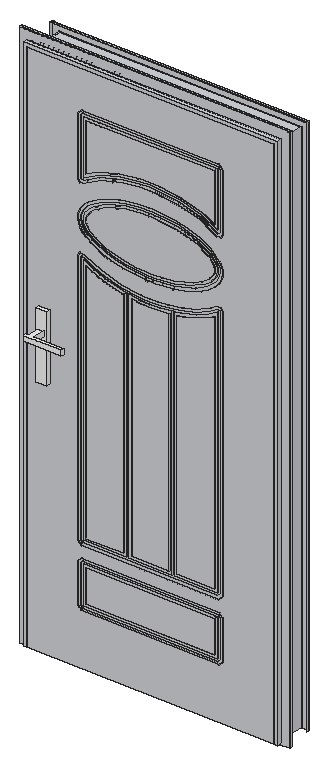
Revit family "GRANIT_4", category Drzwi, Revit 2016 (continued)
Automatic sketch dimensions
  Extrusion 5 sketch curve to Extrusion 5 sketch curve = 13.3 mm  (x2)
  Extrusion 5 sketch curve to Extrusion 5 sketch curve = 18.599 mm  (x2)
  Extrusion 5 sketch curve to Extrusion 5 sketch curve = 11.798 mm  (x2)
  Extrusion 5 sketch curve to Extrusion 5 sketch curve = 15.847 mm  (x2)
  Extrusion 5 sketch curve to Extrusion 5 sketch curve = 9.002 mm  (x2)
  Extrusion 5 sketch curve to Extrusion 5 sketch curve = 5 mm  (x2)
  Extrusion 5 sketch curve to Extrusion 5 sketch curve = 5.535 mm  (x2)
  Extrusion 5 sketch curve to Extrusion 5 sketch curve = 11.376 mm  (x2)
  Extrusion 5 sketch curve to Extrusion 5 sketch curve = 9.373 mm  (x2)
  Extrusion 5 sketch curve to Extrusion 5 sketch curve = 17.383 mm  (x2)
  Extrusion 5 sketch curve to Extrusion 5 sketch curve = 20.264 mm  (x2)
  Extrusion 5 sketch curve to Extrusion 5 sketch curve = 9.437 mm  (x2)
  Extrusion 5 sketch curve to Extrusion 5 sketch curve = 21.582 mm  (x2)
  Extrusion 5 sketch curve to Extrusion 5 sketch curve = 18.337 mm  (x2)
  Extrusion 5 sketch curve to Extrusion 5 sketch curve = 13.077 mm  (x2)
  Extrusion 5 sketch curve to Extrusion 5 sketch curve = 15.666 mm  (x2)
  Extrusion 5 sketch curve to Extrusion 5 sketch curve = 9.297 mm  (x2)
  Extrusion 5 sketch curve to Extrusion 5 sketch curve = 27.383 mm  (x2)
  Extrusion 5 sketch curve to Extrusion 5 sketch curve = 5.475 mm  (x2)
  Extrusion 5 sketch curve to Extrusion 5 sketch curve = 2.142 mm
  Extrusion 5 sketch curve to Extrusion 5 sketch curve = 28.818 mm  (x2)
  Extrusion 5 sketch curve to Extrusion 5 sketch curve = 47.072 mm  (x2)
  Extrusion 5 sketch curve to Extrusion 5 sketch curve = 29.644 mm  (x2)
  Extrusion 5 sketch curve to Extrusion 5 sketch curve = 29.918 mm  (x2)
  Extrusion 5 sketch curve to Extrusion 5 sketch curve = 30.041 mm
  Extrusion 5 sketch curve to Extrusion 5 sketch curve = 12.99 mm  (x2)
  Extrusion 5 sketch curve to Extrusion 5 sketch curve = 59.338 mm  (x2)
  Extrusion 5 sketch curve to Extrusion 5 sketch curve = 37.491 mm  (x2)
  Extrusion 5 sketch curve to Extrusion 5 sketch curve = 52.82 mm  (x2)
  Extrusion 5 sketch curve to Extrusion 5 sketch curve = 28.162 mm  (x2)
  Extrusion 5 sketch curve to Extrusion 5 sketch curve = 56.006 mm  (x2)
  Extrusion 5 sketch curve to Extrusion 5 sketch curve = 1.227 mm
  Extrusion 5 sketch curve to Extrusion 5 sketch curve = 29.521 mm  (x2)
  Extrusion 5 sketch curve to Extrusion 5 sketch curve = 29.936 mm  (x2)
  Extrusion 5 sketch curve to Extrusion 5 sketch curve = 155.714 mm
  Sweep 6 sketch curve to profile plane = 0 mm  (x2)
  profile plane to Sweep 6 sketch curve = 46.69 mm
  Sweep 6 sketch curve to Sweep 6 sketch curve = 1.31 mm
  profile plane to Sweep 6 sketch curve = 2.621 mm
  profile plane to Sweep 6 sketch curve = 1.31 mm
  profile plane to Sweep 6 sketch curve = 10 mm  (x2)
  Sweep 7 sketch curve to profile plane = 0 mm  (x2)
  profile plane to Sweep 7 sketch curve = 2.621 mm
  profile plane to Sweep 7 sketch curve = 10 mm
  Sweep 7 sketch curve to Sweep 7 sketch curve = 10 mm
  Sweep 7 sketch curve to Sweep 7 sketch curve = 42.758 mm
  Sweep 7 sketch curve to Sweep 7 sketch curve = 1.31 mm
  profile plane to Sweep 7 sketch curve = 1.31 mm
  Sweep 8 sketch curve to profile plane = 0 mm  (x2)
  profile plane to Sweep 8 sketch curve = 46.69 mm
  Sweep 8 sketch curve to Sweep 8 sketch curve = 1.31 mm
  profile plane to Sweep 8 sketch curve = 2.621 mm
  profile plane to Sweep 8 sketch curve = 1.31 mm
  profile plane to Sweep 8 sketch curve = 10.168 mm  (x2)
  profile plane to Sweep 9 sketch curve = 10 mm  (x2)
  profile plane to Sweep 9 sketch curve = 46.69 mm
  Sweep 9 sketch curve to Sweep 9 sketch curve = 1.31 mm
  profile plane to Sweep 9 sketch curve = 2.621 mm
  profile plane to Sweep 9 sketch curve = 1.31 mm
  Sweep 9 sketch curve to Sweep 9 sketch curve = 10 mm
  Sweep 9 sketch curve to profile plane = 0 mm
  Sweep 10 sketch curve to profile plane = 0 mm  (x2)
  profile plane to Sweep 10 sketch curve = 46.69 mm
  Sweep 10 sketch curve to Sweep 10 sketch curve = 1.31 mm
  profile plane to Sweep 10 sketch curve = 2.621 mm
  profile plane to Sweep 10 sketch curve = 1.31 mm
  profile plane to Sweep 10 sketch curve = 10 mm  (x2)
  Sweep 11 sketch curve to profile plane = 0 mm  (x2)
  profile plane to Sweep 11 sketch curve = 2.621 mm
  profile plane to Sweep 11 sketch curve = 10 mm  (x2)
  Sweep 11 sketch curve to Sweep 11 sketch curve = 42.758 mm
  Sweep 11 sketch curve to Sweep 11 sketch curve = 1.31 mm
  profile plane to Sweep 11 sketch curve = 1.31 mm
  Sweep 12 sketch curve to profile plane = 0 mm  (x2)
  profile plane to Sweep 12 sketch curve = 2.621 mm
  profile plane to Sweep 12 sketch curve = 10 mm  (x2)
  Sweep 12 sketch curve to Sweep 12 sketch curve = 42.758 mm
  Sweep 12 sketch curve to Sweep 12 sketch curve = 1.31 mm
  profile plane to Sweep 12 sketch curve = 1.31 mm
  Sweep 13 sketch curve to profile plane = 0 mm  (x2)
  profile plane to Sweep 13 sketch curve = 2.621 mm
  profile plane to Sweep 13 sketch curve = 10 mm
  Sweep 13 sketch curve to Sweep 13 sketch curve = 10 mm
  Sweep 13 sketch curve to Sweep 13 sketch curve = 42.758 mm
  Sweep 13 sketch curve to Sweep 13 sketch curve = 1.31 mm
  profile plane to Sweep 13 sketch curve = 1.31 mm
  Sweep 14 sketch curve to profile plane = 0 mm  (x2)
  profile plane to Sweep 14 sketch curve = 46.69 mm
  Sweep 14 sketch curve to Sweep 14 sketch curve = 1.31 mm
  profile plane to Sweep 14 sketch curve = 2.621 mm
  profile plane to Sweep 14 sketch curve = 1.31 mm
  profile plane to Sweep 14 sketch curve = 10 mm  (x2)
  Sweep 15 sketch curve to profile plane = 0 mm  (x2)
  profile plane to Sweep 15 sketch curve = 2.621 mm
  profile plane to Sweep 15 sketch curve = 10 mm
  Sweep 15 sketch curve to Sweep 15 sketch curve = 10 mm
  Sweep 15 sketch curve to Sweep 15 sketch curve = 42.758 mm
  Sweep 15 sketch curve to Sweep 15 sketch curve = 1.31 mm
  profile plane to Sweep 15 sketch curve = 1.31 mm
Nested families
  nested 1: "Rodzina1" at (0, -75, 109.239) x (1, 0, 0) z (0, -1, 0), type "Rodzina1"
  nested 2: "KLAMKA" at (-398, -105.983, 1047.303), Materiał klamki <- "Materiał klamki", type "KLAMKA"
    with Materiał klamki none
  nested 3: "KLAMKA" at (-398, -57.983, 1047.303), Materiał klamki <- "Materiał klamki", type "KLAMKA"
    with Materiał klamki none
Definition of nested family "KLAMKA"
  Parameters
    Materiał klamki [instance] = none
    Default Elevation = 1219.2 mm
  Reference planes
    plane 1 "Center (Front/Back)": y = 0
    plane 2: z = 0
    plane 3 "Center (Left/Right)": x = 0
    plane 4: z = 125
    plane 5: z = -125
    plane 6: x = 20
    plane 7: x = -20
    plane 8: y = -70
    plane 9: y = -60
    plane 10: x = 10
    plane 11: x = -10
    plane 12: x = 120
    plane 13: z = 35
    plane 14: z = 55
    plane 15: y = -15
  Forms (mm)
    Extrusion 1, solid, material <- "Materiał klamki"
      sketch origin (0, 0, 0) x (1, 0, 0) y (0, 0, 1)
        loop
          line (-20, 125) -> (-20, -125) -> (20, -125) -> (20, 125) -> (-20, 125)
      from 0 to 15
    Extrusion 2, solid, material <- "Materiał klamki"
      sketch origin (0, 0, 0) x (1, 0, 0) y (0, 1, 0)
        loop
          line (-10, -15) -> (-10, -60) -> (-20, -60) -> (-20, -70) -> (120, -70) -> (120, -60) -> (10, -60) -> (10, -15) -> (-10, -15)
      from 35 to 55
  Dimensions and locks
    equal spacing: plane 4, plane 2, plane 5
    plane 4 to plane 5 = 250 mm
    equal spacing: plane 7, plane 3 "Center (Left/Right)", plane 6
    plane 7 to plane 6 = 40 mm
    plane 8 to plane 1 "Center (Front/Back)" = 70 mm
    plane 11 to plane 3 "Center (Left/Right)" to plane 10 = 10 mm locked, 10 mm locked
    plane 7 to plane 12 = 140 mm
    plane 15 to plane 1 "Center (Front/Back)" = 15 mm
    aligned and locked: plane 7 to Extrusion 1 sketch curve
    aligned and locked: Extrusion 1 sketch curve to plane 4
    aligned and locked: plane 5 to Extrusion 1 sketch curve
    aligned and locked: Extrusion 1 sketch curve to plane 6
    aligned and locked: plane 15 to Extrusion 1
    aligned and locked: Extrusion 1 to plane 1 "Center (Front/Back)"
    aligned and locked: plane 14 to Extrusion 2
    aligned and locked: Extrusion 2 to plane 13
  Automatic sketch dimensions
    Extrusion 2 sketch curve to plane 7 = 0 mm
    Extrusion 2 sketch curve to plane 9 = 0 mm  (x2)
    Extrusion 2 sketch curve to plane 11 = 0 mm
    Extrusion 2 sketch curve to plane 10 = 0 mm
    Extrusion 2 sketch curve to plane 12 = 0 mm
    Extrusion 2 sketch curve to plane 8 = 0 mm
    Extrusion 2 sketch curve to plane 15 = 0 mm
Definition of nested family "Rodzina1"
  Reference planes
    plane 1 "Środek (Przód/Tył)": y = 0
    plane 2: z = 0
    plane 3 "Środek (Lewa/Prawa)": x = 0
Types (8, lengths in mm): name | URL | SB | Wysokość | Szerokość | Informacja
  PN 80 | "www.porta.com.pl , www.portadoors.com , www.portacad.eu" | 856 | 2056 | 876 | ""
  PN 90 | "www.porta.com.pl" | 964 | 2056 | 984 | ""
  PN 100 | "www.porta.com.pl , www.portadoors.com , www.portacad.eu" | 1056 | 2056 | 1076 | "Biblioteki CAD produktów firmy PORTA KMI POLAND S.A. wraz z ich wizualizacjami są chronione prawami własności przemysłowej i intelektualnej. Można je wykorzystywać do handlowych celów osobistych poprzez zastosowanie w projektach, jednak nie wolno ich powielać, modyfikować, licencjonować ani publikować, w całości ani w części, chyba że celem przeglądania, bez uprzedniej pisemnej zgody PORTA KMI Poland sp.z.o.o. www.porta.com.pl "
  C'eska' a Slovenska' 80 | "www.porta.com.pl , www.portadoors.com , www.portacad.eu" | 860 | 2005 | 880 | "Biblioteki CAD produktów firmy PORTA KMI POLAND S.A. wraz z ich wizualizacjami są chronione prawami własności przemysłowej i intelektualnej. Można je wykorzystywać do handlowych celów osobistych poprzez zastosowanie w projektach, jednak nie wolno ich powielać, modyfikować, licencjonować ani publikować, w całości ani w części, chyba że celem przeglądania, bez uprzedniej pisemnej zgody PORTA KMI Poland sp.z.o.o. www.porta.com.pl "
  C'eska' a Slovenska' 90 | "www.porta.com.pl , www.portadoors.com , www.portacad.eu" | 960 | 2005 | 980 | "Biblioteki CAD produktów firmy PORTA KMI POLAND S.A. wraz z ich wizualizacjami są chronione prawami własności przemysłowej i intelektualnej. Można je wykorzystywać do handlowych celów osobistych poprzez zastosowanie w projektach, jednak nie wolno ich powielać, modyfikować, licencjonować ani publikować, w całości ani w części, chyba że celem przeglądania, bez uprzedniej pisemnej zgody PORTA KMI Poland sp.z.o.o. www.porta.com.pl "
  C'eska' a Slovenska' 100 | "www.porta.com.pl , www.portadoors.com , www.portacad.eu" | 1060 | 2005 | 1080 | "Biblioteki CAD produktów firmy PORTA KMI POLAND S.A. wraz z ich wizualizacjami są chronione prawami własności przemysłowej i intelektualnej. Można je wykorzystywać do handlowych celów osobistych poprzez zastosowanie w projektach, jednak nie wolno ich powielać, modyfikować, licencjonować ani publikować, w całości ani w części, chyba że celem przeglądania, bez uprzedniej pisemnej zgody PORTA KMI Poland sp.z.o.o. www.porta.com.pl "
  DIN 80 | "www.porta.com.pl , www.portadoors.com , www.portacad.eu" | 865 | 2005 | 885 | "Biblioteki CAD produktów firmy PORTA KMI POLAND S.A. wraz z ich wizualizacjami są chronione prawami własności przemysłowej i intelektualnej. Można je wykorzystywać do handlowych celów osobistych poprzez zastosowanie w projektach, jednak nie wolno ich powielać, modyfikować, licencjonować ani publikować, w całości ani w części, chyba że celem przeglądania, bez uprzedniej pisemnej zgody PORTA KMI Poland sp.z.o.o. www.porta.com.pl "
  DIN 90 | "www.porta.com.pl , www.portadoors.com , www.portacad.eu" | 990 | 2005 | 1010 | "Biblioteki CAD produktów firmy PORTA KMI POLAND S.A. wraz z ich wizualizacjami są chronione prawami własności przemysłowej i intelektualnej. Można je wykorzystywać do handlowych celów osobistych poprzez zastosowanie w projektach, jednak nie wolno ich powielać, modyfikować, licencjonować ani publikować, w całości ani w części, chyba że celem przeglądania, bez uprzedniej pisemnej zgody PORTA KMI Poland sp.z.o.o. www.porta.com.pl "
